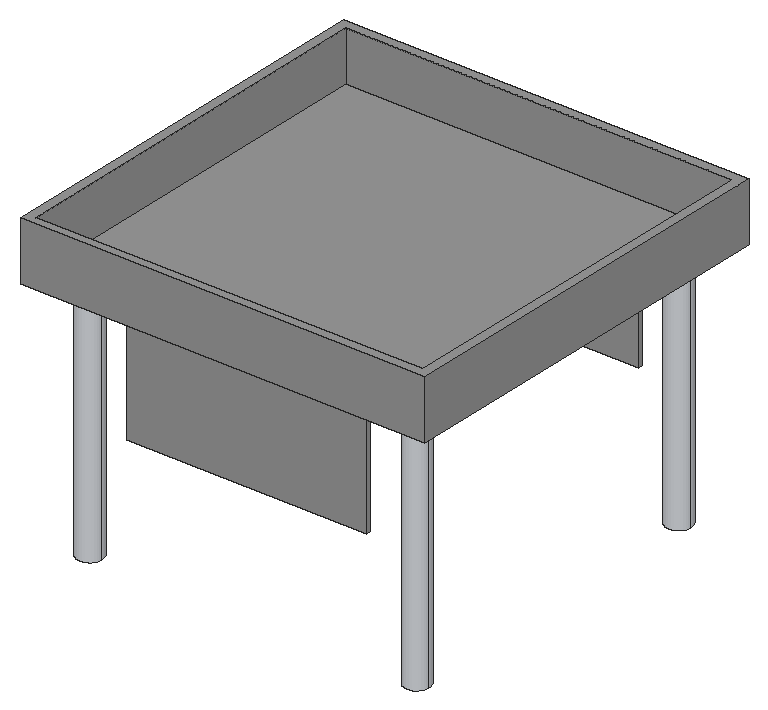
Revit family "Nivellierbare Kassette für Revisionsöffnung, RKN, 25", category Generic Models, Revit 2015
Parameters (values of type "RKN2 4 MS 25")
  Width = 199 mm
  URL = "http://www.obo-bettermann.com"
  Material = Brass, Soft Yellow, Welded
  Manufacturer Art.No. = "7409004"
  Manufacturer = "OBO Bettermann"
  Length = 199 mm
  HeightCalc = if(Height < 105 mm, 105 mm, (if(Height > 155 mm, 155 mm, Height)))  # 150 mm
  Height 1 = 29 mm
  Height = 150 mm
  GTIN = "4012195867425"
  Cut depth = 25 mm
  Article Type = "RKN2 4 MS 25"
Types (3, lengths in mm): name | Material | Manufacturer Art.No. | GTIN | Article Type
  (no name) | Brass, Soft Yellow, Welded | "7409004" | "4012195867425" | "RKN2 4 MS 25"
  RKN2 4 VS 25 | Stainless Steel, Polished | "7409016" | "4012195867548" | "RKN2 4 VS 25"
  RKN2 4 MS 25 | Brass, Soft Yellow, Welded | "7409004" | "4012195867425" | "RKN2 4 MS 25"
Reference planes
  plane 1 "Center (Front/Back)": y = 0
  plane 2: z = 0
  plane 3 "Center (Left/Right)": x = 0
  plane 4: z = 121
  plane 5: y = 99.5
  plane 6: y = -99.5
  plane 7: z = 150
  plane 8: z = 60
  plane 9: z = 125
Forms (mm)
  Extrusion 1, solid
    sketch origin (0, 0, 0) x (1, 0, 0) y (0, 1, 0)
      loop
        circle (-80.5, -80.5) r 6
      loop
        circle (-80.5, 80.5) r 6
      loop
        circle (80.5, 80.5) r 6
      loop
        circle (80.5, -80.5) r 6
    from 0 to 121
  Extrusion 2, solid, material "Brass, Soft Yellow, Welded" <- "Material"
    sketch origin (0, 0, 0) x (1, 0, 0) y (0, 0, 1)
      loop
        line (-99.5, 150) -> (-99.5, 121) -> (99.5, 121) -> (99.5, 150) -> (-99.5, 150)
    from -99.5 to 99.5
  Extrusion 3, solid, material "Brass, Soft Yellow, Welded" <- "Material"
    sketch origin (0, 0, 0) x (1, 0, 0) y (0, 1, 0)
      loop
        line (-59, 84.5) -> (-59, 82.5) -> (59, 82.5) -> (59, 84.5) -> (-59, 84.5)
      loop
        line (-59, -82.5) -> (-59, -84.5) -> (59, -84.5) -> (59, -82.5) -> (-59, -82.5)
    from 60 to 121
  Extrusion 4, void
    sketch origin (0, 0, 0) x (1, 0, 0) y (0, 1, 0)
      loop
        line (-95.3, 95.3) -> (-95.3, -95.3) -> (95.3, -95.3) -> (95.3, 95.3) -> (-95.3, 95.3)
    from 125 to 150
Cuts and joins
  Extrusion 4 cuts Extrusion 1
  Extrusion 4 cuts Extrusion 2
  Extrusion 4 cuts Extrusion 3
Dimensions and locks
  locked: Extrusion 1 sketch curve to plane 1 "Center (Front/Back)" at 74.5  (x2)
  locked: Extrusion 1 sketch curve to plane 3 "Center (Left/Right)" at 80.5  (x2)
  locked: plane 1 "Center (Front/Back)" to Extrusion 1 sketch curve at 74.5  (x2)
  locked: plane 3 "Center (Left/Right)" to Extrusion 1 sketch curve at 80.5  (x2)
  "Width": Extrusion 2 sketch curve to Extrusion 2 sketch curve
  locked: plane 3 "Center (Left/Right)" to Extrusion 2 sketch curve at 99.5
  locked: Extrusion 2 sketch curve to Extrusion 2 sketch curve at 29
  "HeightCalc": plane 7 to level
  "Height 1": plane 7 to plane 4
  locked: Extrusion 3 sketch curve to Extrusion 3 sketch curve at 118  (x2)
  equal spacing: Extrusion 3 sketch curve, plane 3 "Center (Left/Right)", Extrusion 3 sketch curve, locked at 59 each  (x2)
  locked: Extrusion 3 sketch curve to Extrusion 2 at 15  (x2)
  locked: Extrusion 3 sketch curve to Extrusion 3 sketch curve at 2  (x2)
  locked: plane 4 to plane 8 at 61
  locked: Extrusion 4 sketch curve to Extrusion 4 sketch curve at 190.6  (x2)
  equal spacing: Extrusion 4 sketch curve, plane 3 "Center (Left/Right)", Extrusion 4 sketch curve, locked at 95.3 each
  equal spacing: Extrusion 4 sketch curve, plane 1 "Center (Front/Back)", Extrusion 4 sketch curve, locked at 95.3 each
  "Cut depth": plane 7 to plane 9
  "Length": plane 5 to plane 6
  equal spacing: plane 5, plane 1 "Center (Front/Back)", plane 6, locked at 99.5 each
  diameter of Extrusion 1 sketch curve = 12 mm  (x3)
  aligned and locked: level to plane 2
  aligned and locked: plane 4 to Extrusion 1
  aligned and locked: plane 4 to Extrusion 2 sketch curve
  aligned and locked: plane 6 to Extrusion 2
  aligned and locked: Extrusion 2 to plane 5
  aligned and locked: plane 7 to Extrusion 2
  aligned and locked: Extrusion 1 to Extrusion 3
  aligned and locked: Extrusion 3 to plane 8
  aligned and locked: cut or joined group of Extrusion 2, Extrusion 4 to Extrusion 4
  aligned and locked: Extrusion 4 to plane 9
Automatic sketch dimensions
  Extrusion 1 sketch curve to plane 6 = 19 mm
